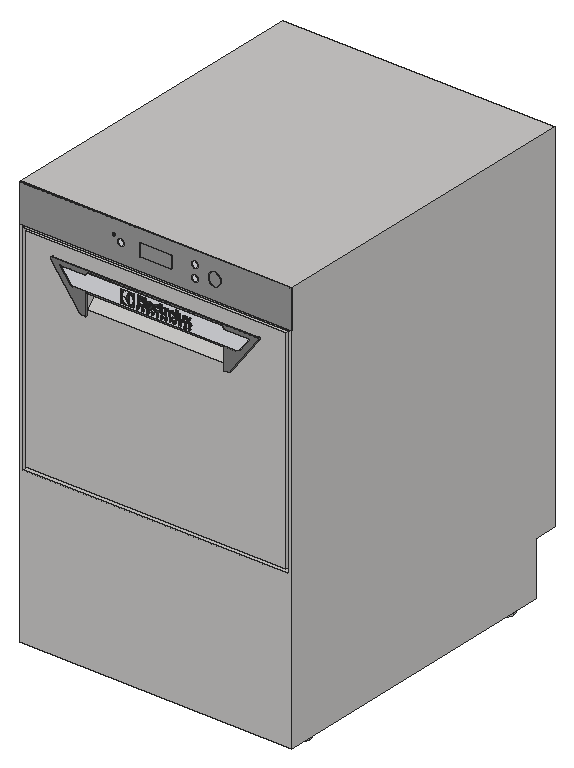
Revit family "QF_ELECTROLUXPROFESSIONAL_402187_ETGWS1S", category Attrezzature speciali, Revit 2021 (continued)
Automatic sketch dimensions
  Extrusion 10 sketch curve to Extrusion 10 sketch curve = 0.427 mm  (x2)
  Extrusion 10 sketch curve to Extrusion 10 sketch curve = 2.809 mm
  Extrusion 10 sketch curve to plane 8 = 119.648 mm  (x2)
  Extrusion 10 sketch curve to Extrusion 10 sketch curve = 0.99 mm  (x4)
  Extrusion 10 sketch curve to plane 8 = 120.138 mm  (x2)
  Extrusion 10 sketch curve to Extrusion 10 sketch curve = 0.782 mm  (x3)
  Extrusion 10 sketch curve to Extrusion 10 sketch curve = 0.126 mm  (x2)
  Extrusion 10 sketch curve to Extrusion 10 sketch curve = 1.389 mm  (x2)
  Extrusion 10 sketch curve to plane 8 = 111.695 mm
  Extrusion 10 sketch curve to Extrusion 10 sketch curve = 2.039 mm
  Extrusion 10 sketch curve to Extrusion 10 sketch curve = 2.048 mm
  Extrusion 10 sketch curve to Extrusion 10 sketch curve = 2.085 mm
  Extrusion 10 sketch curve to Extrusion 10 sketch curve = 0.724 mm
  Extrusion 10 sketch curve to plane 8 = 113.977 mm
  Extrusion 10 sketch curve to Extrusion 10 sketch curve = 1.046 mm
  Extrusion 10 sketch curve to Extrusion 10 sketch curve = 2.251 mm
  Extrusion 10 sketch curve to Extrusion 10 sketch curve = 0.003 mm
  Extrusion 10 sketch curve to plane 8 = 109.679 mm
  Extrusion 10 sketch curve to Extrusion 10 sketch curve = 2.475 mm
  Extrusion 10 sketch curve to plane 8 = 105.048 mm
  Extrusion 10 sketch curve to Extrusion 10 sketch curve = 4.018 mm
  Extrusion 10 sketch curve to plane 8 = 112.517 mm
  Extrusion 10 sketch curve to Extrusion 10 sketch curve = 1.543 mm
  Extrusion 10 sketch curve to plane 8 = 110.92 mm
  Extrusion 10 sketch curve to Extrusion 10 sketch curve = 1.535 mm  (x2)
  Extrusion 10 sketch curve to plane 8 = 106.646 mm
  Extrusion 10 sketch curve to Extrusion 10 sketch curve = 3.932 mm
  Extrusion 10 sketch curve to Extrusion 10 sketch curve = 0.048 mm
  Extrusion 10 sketch curve to Extrusion 10 sketch curve = 0.138 mm
  Extrusion 10 sketch curve to Extrusion 10 sketch curve = 1.402 mm
  Extrusion 10 sketch curve to Extrusion 10 sketch curve = 0.206 mm  (x2)
  Extrusion 10 sketch curve to Extrusion 10 sketch curve = 2.128 mm
  Extrusion 10 sketch curve to plane 8 = 105.505 mm
  Extrusion 10 sketch curve to Extrusion 10 sketch curve = 2.656 mm  (x2)
  Extrusion 10 sketch curve to plane 8 = 103.243 mm
  Extrusion 10 sketch curve to plane 8 = 112.061 mm
  Extrusion 10 sketch curve to plane 8 = 114.323 mm
  Extrusion 10 sketch curve to plane 8 = 108.783 mm  (x2)
  Extrusion 10 sketch curve to Extrusion 10 sketch curve = 3.216 mm
  Extrusion 10 sketch curve to Extrusion 10 sketch curve = 4.222 mm
  Extrusion 10 sketch curve to Extrusion 10 sketch curve = 0.18 mm
  Extrusion 10 sketch curve to Extrusion 10 sketch curve = 2.469 mm
  Extrusion 10 sketch curve to plane 8 = 108.555 mm
  Extrusion 10 sketch curve to Extrusion 10 sketch curve = 1.28 mm
  Extrusion 10 sketch curve to Extrusion 10 sketch curve = 0.041 mm  (x2)
  Extrusion 10 sketch curve to Extrusion 10 sketch curve = 1.873 mm
  Extrusion 10 sketch curve to plane 8 = 112.414 mm
  Extrusion 10 sketch curve to Extrusion 10 sketch curve = 0.664 mm
  Extrusion 10 sketch curve to plane 8 = 110.961 mm
  Extrusion 10 sketch curve to plane 8 = 107.683 mm
  Extrusion 10 sketch curve to Extrusion 10 sketch curve = 2.531 mm
  Extrusion 10 sketch curve to plane 8 = 112.165 mm
  Extrusion 10 sketch curve to Extrusion 10 sketch curve = 2.822 mm
  Extrusion 10 sketch curve to plane 8 = 114.281 mm
  Extrusion 10 sketch curve to Extrusion 10 sketch curve = 0.083 mm
  Extrusion 10 sketch curve to plane 8 = 103.285 mm
  Extrusion 10 sketch curve to Extrusion 10 sketch curve = 2.635 mm
  Extrusion 10 sketch curve to plane 8 = 105.401 mm
  Extrusion 10 sketch curve to Extrusion 10 sketch curve = 2.946 mm  (x2)
  Extrusion 10 sketch curve to Extrusion 10 sketch curve = 0.062 mm
  Extrusion 10 sketch curve to plane 8 = 108.846 mm
  Extrusion 10 sketch curve to Extrusion 10 sketch curve = 2.511 mm
  Extrusion 10 sketch curve to Extrusion 10 sketch curve = 7.106 mm
  Extrusion 10 sketch curve to Extrusion 10 sketch curve = 6.354 mm
  Extrusion 10 sketch curve to Extrusion 10 sketch curve = 2.478 mm
  Extrusion 10 sketch curve to Extrusion 10 sketch curve = 1.161 mm
  Extrusion 10 sketch curve to plane 8 = 119.3 mm
  Extrusion 10 sketch curve to Extrusion 10 sketch curve = 0.033 mm
  Extrusion 10 sketch curve to Extrusion 10 sketch curve = 0.694 mm
  Extrusion 10 sketch curve to Extrusion 10 sketch curve = 0.106 mm  (x2)
  Extrusion 10 sketch curve to Extrusion 10 sketch curve = 0.021 mm  (x2)
  Extrusion 10 sketch curve to Extrusion 10 sketch curve = 0.09 mm
  Extrusion 10 sketch curve to Extrusion 10 sketch curve = 1.76 mm
  Extrusion 10 sketch curve to plane 8 = 119.634 mm
  Extrusion 10 sketch curve to Extrusion 10 sketch curve = 0.948 mm
  Extrusion 10 sketch curve to Extrusion 10 sketch curve = 1.933 mm
  Extrusion 10 sketch curve to Extrusion 10 sketch curve = 2.318 mm
  Extrusion 10 sketch curve to Extrusion 10 sketch curve = 0.781 mm
  Extrusion 10 sketch curve to Extrusion 10 sketch curve = 0.839 mm
  Extrusion 10 sketch curve to Extrusion 10 sketch curve = 4.563 mm
  Extrusion 10 sketch curve to plane 8 = 114.021 mm
  Extrusion 10 sketch curve to plane 8 = 113.951 mm
  Extrusion 10 sketch curve to Extrusion 10 sketch curve = 0.973 mm
  Extrusion 10 sketch curve to Extrusion 10 sketch curve = 2.047 mm
  Extrusion 10 sketch curve to Extrusion 10 sketch curve = 0.001 mm
  Extrusion 10 sketch curve to Extrusion 10 sketch curve = 2.138 mm
  Extrusion 10 sketch curve to Extrusion 10 sketch curve = 0.853 mm
  Extrusion 10 sketch curve to Extrusion 10 sketch curve = 0.895 mm
  Extrusion 10 sketch curve to Extrusion 10 sketch curve = 2.477 mm
  Extrusion 10 sketch curve to Extrusion 10 sketch curve = 5.807 mm
  Extrusion 10 sketch curve to Extrusion 10 sketch curve = 7.939 mm
  Extrusion 10 sketch curve to Extrusion 10 sketch curve = 1.78 mm
  Extrusion 10 sketch curve to Extrusion 10 sketch curve = 0.215 mm
  Extrusion 10 sketch curve to Extrusion 10 sketch curve = 0.042 mm
  Extrusion 10 sketch curve to Extrusion 10 sketch curve = 6.738 mm
  Extrusion 10 sketch curve to Extrusion 10 sketch curve = 9.216 mm  (x2)
  Extrusion 10 sketch curve to Extrusion 10 sketch curve = 3.22 mm
  Extrusion 10 sketch curve to Extrusion 10 sketch curve = 3.518 mm
  Extrusion 10 sketch curve to Extrusion 10 sketch curve = 54.794 mm
  Extrusion 10 sketch curve to Extrusion 10 sketch curve = 7.314 mm
  Extrusion 10 sketch curve to Extrusion 10 sketch curve = 3.648 mm  (x2)
  Extrusion 10 sketch curve to Extrusion 10 sketch curve = 4.122 mm
  Extrusion 10 sketch curve to Extrusion 10 sketch curve = 3.598 mm  (x2)
  Extrusion 10 sketch curve to Extrusion 10 sketch curve = 1.632 mm
  Extrusion 10 sketch curve to Extrusion 10 sketch curve = 4.176 mm
  Extrusion 10 sketch curve to Extrusion 10 sketch curve = 1.127 mm
  Extrusion 10 sketch curve to Extrusion 10 sketch curve = 0.787 mm
  Extrusion 10 sketch curve to Extrusion 10 sketch curve = 0.856 mm
  Extrusion 10 sketch curve to Extrusion 10 sketch curve = 0.934 mm
  Extrusion 10 sketch curve to Extrusion 10 sketch curve = 0.941 mm  (x3)
  Extrusion 10 sketch curve to Extrusion 10 sketch curve = 1.073 mm
  Extrusion 10 sketch curve to Extrusion 10 sketch curve = 0.537 mm  (x2)
  Extrusion 10 sketch curve to Extrusion 10 sketch curve = 0.25 mm
  Extrusion 10 sketch curve to Extrusion 10 sketch curve = 0.311 mm  (x2)
  Extrusion 10 sketch curve to Extrusion 10 sketch curve = 0.031 mm
  Extrusion 10 sketch curve to Extrusion 10 sketch curve = 1.686 mm
  Extrusion 10 sketch curve to Extrusion 10 sketch curve = 0.082 mm
  Extrusion 10 sketch curve to Extrusion 10 sketch curve = 1.753 mm
  Extrusion 10 sketch curve to Extrusion 10 sketch curve = 0.014 mm  (x2)
  Extrusion 10 sketch curve to Extrusion 10 sketch curve = 0.109 mm  (x2)
  Extrusion 10 sketch curve to Extrusion 10 sketch curve = 0.018 mm  (x2)
  Extrusion 10 sketch curve to Extrusion 10 sketch curve = 2.046 mm
  Extrusion 10 sketch curve to Extrusion 10 sketch curve = 1.021 mm
  Extrusion 10 sketch curve to Extrusion 10 sketch curve = 0.827 mm
  Extrusion 10 sketch curve to Extrusion 10 sketch curve = 4.496 mm
  Extrusion 10 sketch curve to Extrusion 10 sketch curve = 4.443 mm
  Extrusion 10 sketch curve to Extrusion 10 sketch curve = 1.66 mm
  Extrusion 10 sketch curve to Extrusion 10 sketch curve = 0.631 mm  (x2)
  Extrusion 10 sketch curve to Extrusion 10 sketch curve = 1.016 mm
  Extrusion 10 sketch curve to Extrusion 10 sketch curve = 0.313 mm  (x2)
  Extrusion 10 sketch curve to Extrusion 10 sketch curve = 0.94 mm  (x3)
  Extrusion 10 sketch curve to Extrusion 10 sketch curve = 0.163 mm  (x2)
  Extrusion 10 sketch curve to Extrusion 10 sketch curve = 1.847 mm
  Extrusion 10 sketch curve to Extrusion 10 sketch curve = 0.192 mm  (x2)
  Extrusion 10 sketch curve to Extrusion 10 sketch curve = 0.704 mm
  Extrusion 10 sketch curve to Extrusion 10 sketch curve = 0.686 mm
  Extrusion 10 sketch curve to Extrusion 10 sketch curve = 0.002 mm
  Extrusion 10 sketch curve to Extrusion 10 sketch curve = 0.077 mm  (x2)
  Extrusion 10 sketch curve to Extrusion 10 sketch curve = 0.865 mm
  Extrusion 10 sketch curve to Extrusion 10 sketch curve = 1.05 mm
  Extrusion 10 sketch curve to Extrusion 10 sketch curve = 0.337 mm  (x2)
  Extrusion 10 sketch curve to Extrusion 10 sketch curve = 1.955 mm
  Extrusion 10 sketch curve to Extrusion 10 sketch curve = 2.265 mm  (x2)
  Extrusion 10 sketch curve to Extrusion 10 sketch curve = 0.004 mm  (x2)
  Extrusion 10 sketch curve to Extrusion 10 sketch curve = 2.182 mm
  Extrusion 10 sketch curve to Extrusion 10 sketch curve = 2.329 mm
  Extrusion 10 sketch curve to Extrusion 10 sketch curve = 0.132 mm
  Extrusion 10 sketch curve to Extrusion 10 sketch curve = 0.034 mm
  Extrusion 10 sketch curve to Extrusion 10 sketch curve = 4.131 mm
  Extrusion 10 sketch curve to Extrusion 10 sketch curve = 1.129 mm
  Extrusion 10 sketch curve to Extrusion 10 sketch curve = 0.166 mm
  Extrusion 10 sketch curve to Extrusion 10 sketch curve = 0.141 mm
  Extrusion 10 sketch curve to Extrusion 10 sketch curve = 2.155 mm
  Extrusion 10 sketch curve to Extrusion 10 sketch curve = 0.871 mm
  Extrusion 10 sketch curve to Extrusion 10 sketch curve = 2.788 mm
  Extrusion 10 sketch curve to Extrusion 10 sketch curve = 1.833 mm
  Extrusion 10 sketch curve to Extrusion 10 sketch curve = 1.273 mm
  Extrusion 10 sketch curve to Extrusion 10 sketch curve = 2.637 mm
  Extrusion 10 sketch curve to Extrusion 10 sketch curve = 0.103 mm
  Extrusion 10 sketch curve to Extrusion 10 sketch curve = 3.672 mm
  Extrusion 10 sketch curve to Extrusion 10 sketch curve = 2.338 mm
  Extrusion 10 sketch curve to Extrusion 10 sketch curve = 0.6 mm
  Extrusion 10 sketch curve to Extrusion 10 sketch curve = 1.548 mm
  Extrusion 10 sketch curve to Extrusion 10 sketch curve = 2.252 mm
  Extrusion 10 sketch curve to Extrusion 10 sketch curve = 2.396 mm
  Extrusion 10 sketch curve to Extrusion 10 sketch curve = 1.409 mm
  Extrusion 10 sketch curve to Extrusion 10 sketch curve = 3.403 mm
  Extrusion 10 sketch curve to Extrusion 10 sketch curve = 2.331 mm
  Extrusion 10 sketch curve to Extrusion 10 sketch curve = 3.986 mm
  Extrusion 10 sketch curve to Extrusion 10 sketch curve = 3.987 mm
  Extrusion 10 sketch curve to Extrusion 10 sketch curve = 1.246 mm  (x2)
  Extrusion 10 sketch curve to Extrusion 10 sketch curve = 1.098 mm  (x2)
  Extrusion 10 sketch curve to Extrusion 10 sketch curve = 0.822 mm  (x2)
  Extrusion 10 sketch curve to Extrusion 10 sketch curve = 0.263 mm  (x2)
  Extrusion 10 sketch curve to Extrusion 10 sketch curve = 0.49 mm  (x2)
  Extrusion 10 sketch curve to Extrusion 10 sketch curve = 0.278 mm  (x2)
  Extrusion 10 sketch curve to Extrusion 10 sketch curve = 0.257 mm  (x2)
  Extrusion 10 sketch curve to Extrusion 10 sketch curve = 0.125 mm  (x2)
  Extrusion 12 sketch curve to Extrusion 12 sketch curve = 0 mm  (x29)
  Extrusion 12 sketch curve to plane 8 = 114.024 mm  (x3)
  plane 4 "LEFT" to Extrusion 12 sketch curve = 288.569 mm
  Extrusion 12 sketch curve to plane 8 = 103.615 mm  (x2)
  Extrusion 12 sketch curve to Extrusion 12 sketch curve = 0.351 mm
  Extrusion 12 sketch curve to Extrusion 12 sketch curve = 0.877 mm
  Extrusion 12 sketch curve to plane 8 = 105.873 mm
  Extrusion 12 sketch curve to Extrusion 12 sketch curve = 1.658 mm
  Extrusion 12 sketch curve to plane 8 = 110.695 mm
  Extrusion 12 sketch curve to Extrusion 12 sketch curve = 2.381 mm
  Extrusion 12 sketch curve to Extrusion 12 sketch curve = 2.664 mm
  Extrusion 12 sketch curve to Extrusion 12 sketch curve = 1.914 mm
  Extrusion 12 sketch curve to Extrusion 12 sketch curve = 1.048 mm
  Extrusion 12 sketch curve to Extrusion 12 sketch curve = 1.023 mm  (x6)
  Extrusion 12 sketch curve to plane 8 = 108.51 mm
  Extrusion 12 sketch curve to Extrusion 12 sketch curve = 1.563 mm
  Extrusion 12 sketch curve to plane 8 = 110.348 mm
  Extrusion 12 sketch curve to Extrusion 12 sketch curve = 1.364 mm  (x2)
  Extrusion 12 sketch curve to plane 8 = 106.733 mm
  Extrusion 12 sketch curve to plane 8 = 108.53 mm
  Extrusion 12 sketch curve to Extrusion 12 sketch curve = 1.363 mm
  Extrusion 12 sketch curve to Extrusion 12 sketch curve = 2.272 mm
  Extrusion 12 sketch curve to plane 8 = 121.266 mm  (x3)
  Extrusion 12 sketch curve to Extrusion 12 sketch curve = 4.059 mm
  Extrusion 12 sketch curve to Extrusion 12 sketch curve = 2.643 mm
  Extrusion 12 sketch curve to plane 8 = 105.721 mm
  Extrusion 12 sketch curve to Extrusion 12 sketch curve = 1.145 mm
  Extrusion 12 sketch curve to plane 8 = 111.528 mm
  Extrusion 12 sketch curve to Extrusion 12 sketch curve = 0.872 mm
  Extrusion 12 sketch curve to Extrusion 12 sketch curve = 1.1 mm
  Extrusion 12 sketch curve to Extrusion 12 sketch curve = 0.485 mm  (x2)
  Extrusion 12 sketch curve to Extrusion 12 sketch curve = 0.459 mm  (x4)
  Extrusion 12 sketch curve to Extrusion 12 sketch curve = 1.54 mm
  Extrusion 12 sketch curve to plane 8 = 116.289 mm
  Extrusion 12 sketch curve to Extrusion 12 sketch curve = 0.461 mm  (x2)
  Extrusion 12 sketch curve to plane 8 = 118.15 mm
  Extrusion 12 sketch curve to Extrusion 12 sketch curve = 0.238 mm
  Extrusion 12 sketch curve to plane 8 = 119.171 mm
  Extrusion 12 sketch curve to Extrusion 12 sketch curve = 0.922 mm
  Extrusion 12 sketch curve to plane 8 = 109.831 mm
  Extrusion 12 sketch curve to Extrusion 12 sketch curve = 2.935 mm
  Extrusion 12 sketch curve to Extrusion 12 sketch curve = 1.099 mm
  Extrusion 12 sketch curve to Extrusion 12 sketch curve = 2.498 mm
  Extrusion 12 sketch curve to plane 8 = 112.021 mm
  Extrusion 12 sketch curve to Extrusion 12 sketch curve = 2.273 mm
  Extrusion 12 sketch curve to plane 8 = 114.293 mm
  Extrusion 12 sketch curve to Extrusion 12 sketch curve = 0.02 mm
  Extrusion 12 sketch curve to Extrusion 12 sketch curve = 0.393 mm  (x3)
  Extrusion 12 sketch curve to Extrusion 12 sketch curve = 0.995 mm
  Extrusion 12 sketch curve to plane 8 = 119.513 mm
  Extrusion 12 sketch curve to Extrusion 12 sketch curve = 0.039 mm  (x2)
  Extrusion 12 sketch curve to Extrusion 12 sketch curve = 4.544 mm
  Extrusion 12 sketch curve to plane 8 = 118.137 mm
  Extrusion 12 sketch curve to Extrusion 12 sketch curve = 2.238 mm
  Extrusion 12 sketch curve to Extrusion 12 sketch curve = 1.034 mm
  Extrusion 12 sketch curve to Extrusion 12 sketch curve = 2.499 mm
  Extrusion 12 sketch curve to Extrusion 12 sketch curve = 1.948 mm
  Extrusion 12 sketch curve to Extrusion 12 sketch curve = 2.48 mm
  Extrusion 12 sketch curve to plane 8 = 108.819 mm  (x4)
  Extrusion 12 sketch curve to Extrusion 12 sketch curve = 1.524 mm
  Extrusion 12 sketch curve to Extrusion 12 sketch curve = 2.438 mm
  Extrusion 12 sketch curve to Extrusion 12 sketch curve = 2.458 mm  (x2)
  Extrusion 12 sketch curve to plane 8 = 105.556 mm
  Extrusion 12 sketch curve to Extrusion 12 sketch curve = 3.221 mm  (x2)
  Extrusion 12 sketch curve to plane 8 = 114.334 mm
  Extrusion 12 sketch curve to plane 8 = 112.083 mm
  Extrusion 12 sketch curve to plane 8 = 103.305 mm
  Extrusion 12 sketch curve to Extrusion 12 sketch curve = 2.133 mm
  Extrusion 12 sketch curve to Extrusion 12 sketch curve = 3.222 mm
  Extrusion 12 sketch curve to Extrusion 12 sketch curve = 2.459 mm
  Extrusion 12 sketch curve to Extrusion 12 sketch curve = 0.379 mm
  Extrusion 12 sketch curve to plane 8 = 105.762 mm
  Extrusion 12 sketch curve to Extrusion 12 sketch curve = 1.033 mm
  Extrusion 12 sketch curve to plane 8 = 117.09 mm  (x2)
  Extrusion 12 sketch curve to Extrusion 12 sketch curve = 4.456 mm
  Extrusion 12 sketch curve to plane 8 = 117.595 mm  (x2)
  Extrusion 12 sketch curve to Extrusion 12 sketch curve = 0.735 mm  (x2)
  Extrusion 12 sketch curve to Extrusion 12 sketch curve = 0.432 mm  (x2)
  Extrusion 12 sketch curve to Extrusion 12 sketch curve = 0.445 mm  (x2)
  Extrusion 12 sketch curve to Extrusion 12 sketch curve = 0.209 mm  (x2)
  Extrusion 12 sketch curve to Extrusion 12 sketch curve = 0.236 mm  (x2)
  Extrusion 12 sketch curve to Extrusion 12 sketch curve = 0.12 mm  (x2)
  Extrusion 12 sketch curve to Extrusion 12 sketch curve = 0.365 mm  (x2)
  Extrusion 12 sketch curve to Extrusion 12 sketch curve = 0.007 mm  (x2)
  Extrusion 12 sketch curve to Extrusion 12 sketch curve = 0.164 mm  (x4)
  Extrusion 12 sketch curve to Extrusion 12 sketch curve = 0.093 mm  (x2)
  Extrusion 12 sketch curve to Extrusion 12 sketch curve = 0.137 mm  (x2)
  Extrusion 12 sketch curve to Extrusion 12 sketch curve = 0.009 mm  (x5)
  Extrusion 12 sketch curve to Extrusion 12 sketch curve = 0.168 mm  (x2)
  Extrusion 12 sketch curve to Extrusion 12 sketch curve = 0.079 mm  (x2)
  Extrusion 12 sketch curve to Extrusion 12 sketch curve = 0.094 mm  (x2)
  Extrusion 12 sketch curve to Extrusion 12 sketch curve = 0.427 mm  (x2)
  Extrusion 12 sketch curve to Extrusion 12 sketch curve = 0.886 mm
  Extrusion 12 sketch curve to Extrusion 12 sketch curve = 2.809 mm
  Extrusion 12 sketch curve to plane 8 = 119.648 mm  (x2)
  Extrusion 12 sketch curve to Extrusion 12 sketch curve = 0.99 mm  (x4)
  Extrusion 12 sketch curve to plane 8 = 120.138 mm  (x2)
  Extrusion 12 sketch curve to Extrusion 12 sketch curve = 0.782 mm  (x3)
  Extrusion 12 sketch curve to Extrusion 12 sketch curve = 0.126 mm  (x2)
  Extrusion 12 sketch curve to Extrusion 12 sketch curve = 1.389 mm  (x2)
  Extrusion 12 sketch curve to plane 8 = 111.695 mm
  Extrusion 12 sketch curve to Extrusion 12 sketch curve = 2.039 mm
  Extrusion 12 sketch curve to Extrusion 12 sketch curve = 2.048 mm
  Extrusion 12 sketch curve to Extrusion 12 sketch curve = 2.085 mm
  Extrusion 12 sketch curve to Extrusion 12 sketch curve = 0.724 mm
  Extrusion 12 sketch curve to plane 8 = 113.977 mm
  Extrusion 12 sketch curve to Extrusion 12 sketch curve = 1.046 mm
  Extrusion 12 sketch curve to Extrusion 12 sketch curve = 2.251 mm
  Extrusion 12 sketch curve to Extrusion 12 sketch curve = 2.301 mm
  Extrusion 12 sketch curve to plane 8 = 109.679 mm
  Extrusion 12 sketch curve to Extrusion 12 sketch curve = 2.475 mm
  Extrusion 12 sketch curve to plane 8 = 105.048 mm
  Extrusion 12 sketch curve to Extrusion 12 sketch curve = 4.018 mm
  Extrusion 12 sketch curve to plane 8 = 112.517 mm
  Extrusion 12 sketch curve to Extrusion 12 sketch curve = 1.543 mm
  Extrusion 12 sketch curve to plane 8 = 110.92 mm
  Extrusion 12 sketch curve to Extrusion 12 sketch curve = 1.535 mm  (x2)
  Extrusion 12 sketch curve to plane 8 = 106.646 mm
  Extrusion 12 sketch curve to Extrusion 12 sketch curve = 3.932 mm
  Extrusion 12 sketch curve to Extrusion 12 sketch curve = 0.048 mm
  Extrusion 12 sketch curve to Extrusion 12 sketch curve = 0.187 mm
  Extrusion 12 sketch curve to Extrusion 12 sketch curve = 1.402 mm
  Extrusion 12 sketch curve to Extrusion 12 sketch curve = 0.206 mm  (x2)
  Extrusion 12 sketch curve to Extrusion 12 sketch curve = 0.569 mm
  Extrusion 12 sketch curve to plane 8 = 105.505 mm
  Extrusion 12 sketch curve to Extrusion 12 sketch curve = 2.656 mm  (x2)
  Extrusion 12 sketch curve to plane 8 = 103.243 mm
  Extrusion 12 sketch curve to plane 8 = 112.061 mm
  Extrusion 12 sketch curve to plane 8 = 114.323 mm
  Extrusion 12 sketch curve to plane 8 = 108.783 mm  (x2)
  Extrusion 12 sketch curve to Extrusion 12 sketch curve = 3.216 mm
  Extrusion 12 sketch curve to Extrusion 12 sketch curve = 4.222 mm
  Extrusion 12 sketch curve to Extrusion 12 sketch curve = 0.18 mm
  Extrusion 12 sketch curve to Extrusion 12 sketch curve = 2.469 mm
  Extrusion 12 sketch curve to plane 8 = 108.555 mm
  Extrusion 12 sketch curve to Extrusion 12 sketch curve = 1.28 mm
  Extrusion 12 sketch curve to plane 8 = 109.426 mm
  Extrusion 12 sketch curve to Extrusion 12 sketch curve = 0.041 mm  (x2)
  Extrusion 12 sketch curve to Extrusion 12 sketch curve = 1.873 mm
  Extrusion 12 sketch curve to plane 8 = 112.414 mm
  Extrusion 12 sketch curve to Extrusion 12 sketch curve = 0.664 mm
  Extrusion 12 sketch curve to plane 8 = 110.961 mm
  Extrusion 12 sketch curve to Extrusion 12 sketch curve = 1.494 mm
  Extrusion 12 sketch curve to plane 8 = 107.683 mm
  Extrusion 12 sketch curve to Extrusion 12 sketch curve = 2.531 mm
  Extrusion 12 sketch curve to plane 8 = 112.165 mm
  Extrusion 12 sketch curve to Extrusion 12 sketch curve = 2.822 mm
  Extrusion 12 sketch curve to plane 8 = 114.281 mm
  Extrusion 12 sketch curve to Extrusion 12 sketch curve = 0.083 mm
  Extrusion 12 sketch curve to plane 8 = 105.401 mm
  Extrusion 12 sketch curve to Extrusion 12 sketch curve = 2.635 mm
  Extrusion 12 sketch curve to plane 8 = 103.285 mm
  Extrusion 12 sketch curve to Extrusion 12 sketch curve = 2.946 mm  (x2)
  Extrusion 12 sketch curve to Extrusion 12 sketch curve = 0.062 mm
  Extrusion 12 sketch curve to plane 8 = 108.846 mm
  Extrusion 12 sketch curve to Extrusion 12 sketch curve = 2.511 mm
  Extrusion 12 sketch curve to Extrusion 12 sketch curve = 7.106 mm
  Extrusion 12 sketch curve to Extrusion 12 sketch curve = 6.354 mm
  Extrusion 12 sketch curve to Extrusion 12 sketch curve = 2.478 mm  (x2)
  Extrusion 12 sketch curve to Extrusion 12 sketch curve = 1.161 mm
  Extrusion 12 sketch curve to plane 8 = 119.3 mm
  Extrusion 12 sketch curve to Extrusion 12 sketch curve = 0.033 mm
  Extrusion 12 sketch curve to Extrusion 12 sketch curve = 0.694 mm
  Extrusion 12 sketch curve to Extrusion 12 sketch curve = 0.106 mm
  Extrusion 12 sketch curve to Extrusion 12 sketch curve = 0.021 mm  (x2)
  Extrusion 12 sketch curve to Extrusion 12 sketch curve = 0.09 mm
  Extrusion 12 sketch curve to Extrusion 12 sketch curve = 1.76 mm
  Extrusion 12 sketch curve to plane 8 = 119.634 mm
  Extrusion 12 sketch curve to Extrusion 12 sketch curve = 0.948 mm
  Extrusion 12 sketch curve to Extrusion 12 sketch curve = 1.933 mm
  Extrusion 12 sketch curve to Extrusion 12 sketch curve = 2.318 mm
  Extrusion 12 sketch curve to Extrusion 12 sketch curve = 0.908 mm
  Extrusion 12 sketch curve to plane 8 = 119.552 mm
  Extrusion 12 sketch curve to Extrusion 12 sketch curve = 0.781 mm
  Extrusion 12 sketch curve to Extrusion 12 sketch curve = 4.563 mm
  Extrusion 12 sketch curve to plane 8 = 113.951 mm
  Extrusion 12 sketch curve to Extrusion 12 sketch curve = 0.973 mm
  Extrusion 12 sketch curve to plane 8 = 109.537 mm
  Extrusion 12 sketch curve to Extrusion 12 sketch curve = 2.047 mm
  Extrusion 12 sketch curve to Extrusion 12 sketch curve = 0.001 mm
  Extrusion 12 sketch curve to Extrusion 12 sketch curve = 2.138 mm
  Extrusion 12 sketch curve to Extrusion 12 sketch curve = 0.895 mm
  Extrusion 12 sketch curve to Extrusion 12 sketch curve = 0.853 mm
  Extrusion 12 sketch curve to plane 8 = 109.431 mm
  Extrusion 12 sketch curve to Extrusion 12 sketch curve = 5.283 mm
  Extrusion 12 sketch curve to Extrusion 12 sketch curve = 7.939 mm
  Extrusion 12 sketch curve to Extrusion 12 sketch curve = 1.78 mm
  Extrusion 12 sketch curve to Extrusion 12 sketch curve = 0.215 mm
  Extrusion 12 sketch curve to Extrusion 12 sketch curve = 0.042 mm
  Extrusion 12 sketch curve to Extrusion 12 sketch curve = 6.738 mm
  Extrusion 12 sketch curve to Extrusion 12 sketch curve = 9.216 mm  (x2)
  Extrusion 12 sketch curve to Extrusion 12 sketch curve = 3.22 mm
  Extrusion 12 sketch curve to Extrusion 12 sketch curve = 3.518 mm
  Extrusion 12 sketch curve to Extrusion 12 sketch curve = 7.314 mm
  Extrusion 12 sketch curve to Extrusion 12 sketch curve = 1.714 mm
  Extrusion 12 sketch curve to Extrusion 12 sketch curve = 3.648 mm  (x2)
  Extrusion 12 sketch curve to Extrusion 12 sketch curve = 3.598 mm  (x2)
  Extrusion 12 sketch curve to Extrusion 12 sketch curve = 4.176 mm
  Extrusion 12 sketch curve to Extrusion 12 sketch curve = 1.127 mm
  Extrusion 12 sketch curve to Extrusion 12 sketch curve = 3.129 mm
  Extrusion 12 sketch curve to Extrusion 12 sketch curve = 1.753 mm
  Extrusion 12 sketch curve to Extrusion 12 sketch curve = 0.787 mm
  Extrusion 12 sketch curve to Extrusion 12 sketch curve = 0.856 mm
  Extrusion 12 sketch curve to Extrusion 12 sketch curve = 0.934 mm
  Extrusion 12 sketch curve to Extrusion 12 sketch curve = 0.941 mm  (x3)
  Extrusion 12 sketch curve to Extrusion 12 sketch curve = 1.021 mm
  Extrusion 12 sketch curve to Extrusion 12 sketch curve = 0.537 mm  (x2)
  Extrusion 12 sketch curve to Extrusion 12 sketch curve = 0.25 mm
  Extrusion 12 sketch curve to Extrusion 12 sketch curve = 0.311 mm  (x2)
  Extrusion 12 sketch curve to Extrusion 12 sketch curve = 0.031 mm
  Extrusion 12 sketch curve to Extrusion 12 sketch curve = 1.686 mm
  Extrusion 12 sketch curve to Extrusion 12 sketch curve = 0.014 mm  (x2)
  Extrusion 12 sketch curve to Extrusion 12 sketch curve = 0.109 mm  (x2)
  Extrusion 12 sketch curve to Extrusion 12 sketch curve = 0.018 mm  (x2)
  Extrusion 12 sketch curve to Extrusion 12 sketch curve = 2.046 mm
  Extrusion 12 sketch curve to Extrusion 12 sketch curve = 0.827 mm
  Extrusion 12 sketch curve to Extrusion 12 sketch curve = 4.496 mm
  Extrusion 12 sketch curve to Extrusion 12 sketch curve = 4.443 mm
  Extrusion 12 sketch curve to Extrusion 12 sketch curve = 1.66 mm
  Extrusion 12 sketch curve to Extrusion 12 sketch curve = 0.631 mm  (x2)
  Extrusion 12 sketch curve to Extrusion 12 sketch curve = 1.016 mm
  Extrusion 12 sketch curve to Extrusion 12 sketch curve = 0.313 mm  (x2)
  Extrusion 12 sketch curve to Extrusion 12 sketch curve = 0.94 mm  (x3)
  Extrusion 12 sketch curve to Extrusion 12 sketch curve = 0.163 mm  (x2)
  Extrusion 12 sketch curve to Extrusion 12 sketch curve = 0.192 mm  (x2)
  Extrusion 12 sketch curve to Extrusion 12 sketch curve = 0.704 mm
  Extrusion 12 sketch curve to Extrusion 12 sketch curve = 0.686 mm
  Extrusion 12 sketch curve to Extrusion 12 sketch curve = 0.002 mm
  Extrusion 12 sketch curve to Extrusion 12 sketch curve = 0.077 mm  (x2)
  Extrusion 12 sketch curve to Extrusion 12 sketch curve = 0.865 mm
  Extrusion 12 sketch curve to Extrusion 12 sketch curve = 1.05 mm
  Extrusion 12 sketch curve to Extrusion 12 sketch curve = 0.337 mm  (x2)
  Extrusion 12 sketch curve to Extrusion 12 sketch curve = 2.265 mm  (x2)
  Extrusion 12 sketch curve to Extrusion 12 sketch curve = 1.996 mm
  Extrusion 12 sketch curve to Extrusion 12 sketch curve = 1.955 mm
  Extrusion 12 sketch curve to Extrusion 12 sketch curve = 1.847 mm
  Extrusion 12 sketch curve to Extrusion 12 sketch curve = 3.869 mm
  Extrusion 12 sketch curve to Extrusion 12 sketch curve = 0.004 mm  (x2)
  Extrusion 12 sketch curve to Extrusion 12 sketch curve = 2.329 mm
  Extrusion 12 sketch curve to Extrusion 12 sketch curve = 0.132 mm
  Extrusion 12 sketch curve to Extrusion 12 sketch curve = 0.034 mm
  Extrusion 12 sketch curve to Extrusion 12 sketch curve = 4.131 mm
  Extrusion 12 sketch curve to Extrusion 12 sketch curve = 1.129 mm
  Extrusion 12 sketch curve to Extrusion 12 sketch curve = 0.166 mm
  Extrusion 12 sketch curve to Extrusion 12 sketch curve = 0.141 mm
  Extrusion 12 sketch curve to Extrusion 12 sketch curve = 2.788 mm
  Extrusion 12 sketch curve to Extrusion 12 sketch curve = 1.833 mm
  Extrusion 12 sketch curve to Extrusion 12 sketch curve = 1.273 mm
  Extrusion 12 sketch curve to Extrusion 12 sketch curve = 2.637 mm
  Extrusion 12 sketch curve to Extrusion 12 sketch curve = 0.103 mm
  Extrusion 12 sketch curve to Extrusion 12 sketch curve = 3.672 mm
  Extrusion 12 sketch curve to Extrusion 12 sketch curve = 2.338 mm
  Extrusion 12 sketch curve to Extrusion 12 sketch curve = 0.6 mm
  Extrusion 12 sketch curve to Extrusion 12 sketch curve = 1.548 mm
  Extrusion 12 sketch curve to Extrusion 12 sketch curve = 6.073 mm
  Extrusion 12 sketch curve to Extrusion 12 sketch curve = 2.252 mm
  Extrusion 12 sketch curve to Extrusion 12 sketch curve = 2.396 mm
  Extrusion 12 sketch curve to Extrusion 12 sketch curve = 1.409 mm
  Extrusion 12 sketch curve to Extrusion 12 sketch curve = 3.403 mm
  Extrusion 12 sketch curve to Extrusion 12 sketch curve = 0.89 mm
  Extrusion 12 sketch curve to Extrusion 12 sketch curve = 2.331 mm
  Extrusion 12 sketch curve to Extrusion 12 sketch curve = 3.986 mm
  Extrusion 12 sketch curve to Extrusion 12 sketch curve = 3.987 mm
  Extrusion 12 sketch curve to Extrusion 12 sketch curve = 1.246 mm  (x2)
  Extrusion 12 sketch curve to Extrusion 12 sketch curve = 1.098 mm  (x2)
  Extrusion 12 sketch curve to Extrusion 12 sketch curve = 0.822 mm  (x2)
  Extrusion 12 sketch curve to Extrusion 12 sketch curve = 0.263 mm  (x2)
  Extrusion 12 sketch curve to Extrusion 12 sketch curve = 0.49 mm  (x2)
  Extrusion 12 sketch curve to Extrusion 12 sketch curve = 0.278 mm  (x2)
  Extrusion 12 sketch curve to Extrusion 12 sketch curve = 0.257 mm  (x2)
  Extrusion 12 sketch curve to Extrusion 12 sketch curve = 0.125 mm  (x2)
  Extrusion 13 sketch curve to plane 8 = 0 mm
  Extrusion 13 sketch curve to plane 4 "LEFT" = 0 mm
  Extrusion 13 sketch curve to plane 5 "RIGHT" = 0 mm
  Extrusion 13 sketch curve to plane 8 = 64.303 mm
  Extrusion 14 sketch curve to plane 6 "FRONT" = 0 mm
  plane 11 "2" to Extrusion 14 sketch curve = 19.494 mm
  Extrusion 14 sketch curve to plane 8 = 132.753 mm
  Extrusion 14 sketch curve to Extrusion 14 sketch curve = 40 mm
  Extrusion 14 sketch curve to Extrusion 14 sketch curve = 20.494 mm
  Extrusion 1 sketch curve to plane 10 = 0 mm
  Extrusion 2 sketch curve to plane 10 = 0 mm
  plane 4 "LEFT" to Extrusion 3 sketch curve = 19.5 mm  (x2)
  Extrusion 3 sketch curve to plane 5 "RIGHT" = 19.5 mm  (x2)
  plane 11 "2" to Extrusion 3 sketch curve = 46 mm  (x2)
  Extrusion 3 sketch curve to plane 10 = 38 mm  (x2)
  Extrusion 4 sketch curve to Extrusion 1 = 5 mm  (x2)
  Extrusion 4 sketch curve to Extrusion 1 = 260 mm
  Extrusion 4 sketch curve to Extrusion 1 = 65.855 mm
  Extrusion 8 sketch curve to plane 6 "FRONT" = 0 mm
  plane 11 "2" to Extrusion 8 sketch curve = 26.448 mm
  plane 9 to Extrusion 8 sketch curve = 265 mm
  Extrusion 8 sketch curve to plane 8 = 70.9 mm
  Extrusion 11 sketch curve to plane 6 "FRONT" = 0 mm
  plane 11 "2" to Extrusion 11 sketch curve = 28.894 mm
  plane 9 to Extrusion 11 sketch curve = 265 mm
  Extrusion 11 sketch curve to Extrusion 11 sketch curve = 407.138 mm
  Extrusion 11 sketch curve to Extrusion 11 sketch curve = 91.839 mm
  curve 3 to plane 4 "LEFT" = 0 mm
  curve 9 to plane 6 "FRONT" = 0 mm
  curve 7 to plane 6 "FRONT" = 0 mm
  curve 1 to plane 5 "RIGHT" = 0 mm
  curve 2 to plane 7 "BACK" = 0 mm
  curve 2 to curve 9 = 5 mm
  plane 4 "LEFT" to curve 7 = 10 mm
  plane 11 "2" to curve 13 = 19.494 mm
  curve 7 to curve 13 = 102.5 mm
  curve 12 to plane 5 "RIGHT" = 112.5 mm
  curve 5 to plane 5 "RIGHT" = 10 mm
  curve 11 to plane 5 "RIGHT" = 5 mm
  plane 11 "2" to curve 11 = 29 mm
  radius of Extrusion 5 sketch curve = 10 mm
  radius of Extrusion 6 sketch curve = 8 mm
  radius of Extrusion 7 sketch curve = 8 mm
  radius of Extrusion 10 sketch curve = 2.585 mm  (x2)
  radius of Extrusion 10 sketch curve = 1.64 mm
  radius of Extrusion 10 sketch curve = 1.548 mm
  radius of Extrusion 12 sketch curve = 2.585 mm  (x2)
  radius of Extrusion 12 sketch curve = 1.64 mm
  radius of Extrusion 12 sketch curve = 1.548 mm
  radius of Extrusion 3 sketch curve = 12.5 mm  (x4)
Nested families
  nested 1: "GW_ControlPanel" at (-0.368, -274.5, 667.849), type "GW_ControlPanel"
Connectors
  piping at (3.5, 275, 59), diameter 29, driven by "Direct Waste Size"
    settings: on Extrusion 5, index 1, connector inside diameter 609.6 mm, connector length 0 mm, flow factor 0, pipe flow 0.0 L/s, pressure drop 0.0 Pa, fitting loss kfactor 0, connector angle 0.00°, fixture units 0, engagement length 0 mm, angle of deflection 0.00°, flow configuration 1, flow direction 1, fitting loss method 0, system type 16, joint type 0, gender type 0, connector reference index -1, connector utility 0, adjustable connector no, is connector primary yes, connector description "Drain"
  piping at (-107.5, 275, 59), diameter 19.05, driven by "Cold Water Size"
    settings: on Extrusion 6, index 3, connector inside diameter 609.6 mm, connector length 0 mm, flow factor 0, pipe flow 0.0 L/s, pressure drop 0.0 Pa, fitting loss kfactor 0, connector angle 0.00°, fixture units 0, engagement length 0 mm, angle of deflection 0.00°, flow configuration 1, flow direction 1, fitting loss method 0, system type 20, joint type 0, gender type 0, connector reference index -1, connector utility 0, adjustable connector no, is connector primary no, connector description "Cold Water Inlet"
  electrical at (-37.5, 275, 19.5), driven by "Volts"
    settings: on Extrusion 7, index 4, voltage 220 V, apparent load 0 VA, apparent load phase1 0 VA, apparent load phase2 0 VA, apparent load phase3 0 VA, power factor 1, load classification "Altro", number of poles 1, system type 31, power factor state 1, is connector primary yes, connector utility no, sub classification motor no, connector description "Electrical Connection"
Definition of nested family "GW_ControlPanel"
  Parameters (values of type "GW_ControlPanel")
    Default Elevation = 0 mm
  Reference planes
    plane 1 "Center (Front/Back)": y = 0
    plane 2: z = 0
    plane 3 "Center (Left/Right)": x = 0
  Forms (mm)
    Extrusion 1, solid
      sketch origin (1.418, 0.5, 0) x (1, 0, 0) y (0, 0, 1)
        loop
          line (-228.55, 32.151) -> (-228.55, -32.151) -> (226.45, -32.151) -> (226.45, 32.151) -> (-228.55, 32.151)
      from 0 to 1
    Extrusion 2, void
      sketch origin (0.368, 0.5, 0) x (1, 0, 0) y (0, 0, 1)
        loop
          circle (-70.471, 8.3) r 2
      from 0 to 1
    Extrusion 3, void
      sketch origin (0.368, 0.5, 0) x (1, 0, 0) y (0, 0, 1)
        loop
          circle (98.35, 0) r 10.499
      from 0 to 1
    Extrusion 4, void
      sketch origin (0.368, 0.5, 0) x (1, 0, 0) y (0, 0, 1)
        loop
          line (25.514, 10.5) -> (-25.514, 10.5)
          arc (-25.514, 10.5) -> (-26.207, 10.207) -> (-26.501, 9.514) r 1.001
          line (-26.501, 9.514) -> (-26.501, -9.514)
          arc (-26.501, -9.514) -> (-26.207, -10.207) -> (-25.514, -10.5) r 1.001
          line (-25.514, -10.5) -> (25.514, -10.5)
          arc (25.514, -10.5) -> (26.207, -10.206) -> (26.499, -9.513) r 1.001
          line (26.499, -9.513) -> (26.499, 9.513)
          arc (26.499, 9.513) -> (26.207, 10.206) -> (25.514, 10.5) r 1.001
      from 0 to 1
    Extrusion 5, void
      sketch origin (0.368, 0.5, 0) x (1, 0, 0) y (0, 0, 1)
        loop
          circle (-58.501, 0) r 5
      from 0 to 1
    Extrusion 6, solid
      sketch origin (0.368, 0.5, 0) x (1, 0, 0) y (0, 0, 1)
        loop
          circle (-58.501, 0) r 5
      from 0 to 1
    Extrusion 7, solid
      sketch origin (0.368, 0.5, 0) x (1, 0, 0) y (0, 0, 1)
        loop
          circle (-70.471, 8.3) r 2
      from 0 to 1
    Extrusion 8, solid
      sketch origin (0.368, 0.5, 0) x (1, 0, 0) y (0, 0.000001, 1)
        loop
          circle (98.35, 0) r 10.499
      from 0 to 1
    Extrusion 9, void
      sketch origin (0.368, 0.5, 0) x (1, 0, 0) y (0, 0, 1)
        loop
          circle (65.501, 10.339) r 5
        loop
          circle (65.501, -10.339) r 5
      from 0 to 1
    Extrusion 10, solid
      sketch origin (0.368, 0.5, 0) x (1, 0, 0) y (0, 0.000001, 1)
        loop
          circle (65.501, 10.339) r 5
        loop
          circle (65.501, -10.339) r 5
      from 0 to 1
    Extrusion 11, solid
      sketch origin (0.368, 0.5, 0) x (1, 0, 0) y (0, 0, 1)
        loop
          line (25.514, 10.5) -> (-25.514, 10.5)
          arc (-25.514, 10.5) -> (-26.207, 10.207) -> (-26.501, 9.514) r 1.001
          line (-26.501, 9.514) -> (-26.501, -9.514)
          arc (-26.501, -9.514) -> (-26.207, -10.207) -> (-25.514, -10.5) r 1.001
          line (-25.514, -10.5) -> (25.514, -10.5)
          arc (25.514, -10.5) -> (26.207, -10.206) -> (26.499, -9.513) r 1.001
          line (26.499, -9.513) -> (26.499, 9.513)
          arc (26.499, 9.513) -> (26.207, 10.206) -> (25.514, 10.5) r 1.001
      from 0 to 1
  Cuts and joins
    Extrusion 2, Extrusion 3, Extrusion 4, Extrusion 5, Extrusion 9 cuts Extrusion 1
  Dimensions and locks
    aligned and locked: level to plane 2
